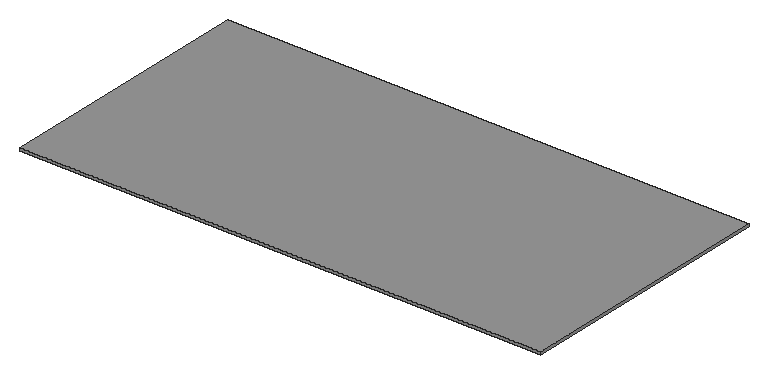
Revit family "Poly Max - Ceiling and Wall Panels", category Generic Models, Revit 2016
Family settings
  Part Type = Normal
  Can host rebar = No
  Round Connector Dimension = Use Diameter
  Work Plane-Based = Yes
  Always vertical = No
  Cut with Voids When Loaded = No
  Shared = No
  Room Calculation Point = No
Parameters (values of type "HALF INCH THICK - 48X96 - Printed Grpahics")
  ‍      1. Thickness 1" = Thickness Options = 1  # no
  ‍      0. Thickness 1/2" = Thickness Options = 0  # yes
  URL = "https://www.acousticalsurfaces.com/poly-max/ceiling-wall-panels/"
  Thickness Options = 0
  T = if(Thickness Options = 0, 0' 0 1/2", 0' 0") + if(Thickness Options = 1, 0' 1", 0' 0") + if(Thickness Options = 2, 0' 2", 0' 0")  # 0' - 0 1/2"
  Material = "Poly Max"
  Manufacturer = "Acoustical Surfaces, Inc."
  Finish = Poly Max - Printed Graphics
  Width = 4' - 0"
  Length = 8' - 0"
  ‍      2. Thickness 2" = Thickness Options = 2  # no
  Default Elevation = 4' - 0"
  A = 0' - 0"
Types (46): name | ‍      1. Thickness 1" | ‍      0. Thickness 1/2" | Thickness Options | T | Finish | Width | Length | ‍      2. Thickness 2"
  HALF INCH THICK - 48X96 - Printed Grpahics | no | yes | 0 | 0' - 0 1/2" | Poly Max - Printed Graphics | 4' - 0" | 8' - 0" | no
  HALF INCH THICK - 48X96 - Lime | no | yes | 0 | 0' - 0 1/2" | Poly Max - Lime | 4' - 0" | 8' - 0" | no
  HALF INCH THICK - 48X96 - Orange | no | yes | 0 | 0' - 0 1/2" | Poly Max - Orange | 4' - 0" | 8' - 0" | no
  HALF INCH THICK - 48X96 - Red | no | yes | 0 | 0' - 0 1/2" | Poly Max - Red | 4' - 0" | 8' - 0" | no
  HALF INCH THICK - 48X96 - Purple | no | yes | 0 | 0' - 0 1/2" | Poly Max - Purple | 4' - 0" | 8' - 0" | no
  HALF INCH THICK - 48X96 - Blue | no | yes | 0 | 0' - 0 1/2" | Poly Max - Blue | 4' - 0" | 8' - 0" | no
  HALF INCH THICK - 48X96 - Black | no | yes | 0 | 0' - 0 1/2" | Poly Max - Black | 4' - 0" | 8' - 0" | no
  HALF INCH THICK - 48X96 - Grey | no | yes | 0 | 0' - 0 1/2" | Poly Max - Grey | 4' - 0" | 8' - 0" | no
  HALF INCH THICK - 48X96 - Silver | no | yes | 0 | 0' - 0 1/2" | Poly Max - Silver | 4' - 0" | 8' - 0" | no
  HALF INCH THICK - 48X96 - Brown | no | yes | 0 | 0' - 0 1/2" | Poly Max - Brown | 4' - 0" | 8' - 0" | no
  HALF INCH THICK - 48X96 - Tan | no | yes | 0 | 0' - 0 1/2" | Poly Max - Tan | 4' - 0" | 8' - 0" | no
  HALF INCH THICK - 48X96 - Beige | no | yes | 0 | 0' - 0 1/2" | Poly Max - Beige | 4' - 0" | 8' - 0" | no
  HALF INCH THICK - 48X96 - White | no | yes | 0 | 0' - 0 1/2" | Poly Max - White | 4' - 0" | 8' - 0" | no
  HALF INCH THICK - 24x48 - Tan | no | yes | 0 | 0' - 0 1/2" | Poly Max - Tan | 2' - 0" | 4' - 0" | no
  HALF INCH THICK - 24x48 - Brown | no | yes | 0 | 0' - 0 1/2" | Poly Max - Brown | 2' - 0" | 4' - 0" | no
  HALF INCH THICK - 24x48 - Grey | no | yes | 0 | 0' - 0 1/2" | Poly Max - Grey | 2' - 0" | 4' - 0" | no
  HALF INCH THICK - 24x48 - Blue | no | yes | 0 | 0' - 0 1/2" | Poly Max - Blue | 2' - 0" | 4' - 0" | no
  HALF INCH THICK - 24x48 - Purple | no | yes | 0 | 0' - 0 1/2" | Poly Max - Purple | 2' - 0" | 4' - 0" | no
  HALF INCH THICK - 24x48 - Red | no | yes | 0 | 0' - 0 1/2" | Poly Max - Red | 2' - 0" | 4' - 0" | no
  HALF INCH THICK - 24x48 - Orange | no | yes | 0 | 0' - 0 1/2" | Poly Max - Orange | 2' - 0" | 4' - 0" | no
  HALF INCH THICK - 24x48 Lime | no | yes | 0 | 0' - 0 1/2" | Poly Max - Lime | 2' - 0" | 4' - 0" | no
  HALF INCH THICK - 24x48 - Printed Graphics | no | yes | 0 | 0' - 0 1/2" | Poly Max - Printed Graphics | 2' - 0" | 4' - 0" | no
  HALF INCH THICK - 24x48 - Black | no | yes | 0 | 0' - 0 1/2" | Poly Max - Black | 2' - 0" | 4' - 0" | no
  HALF INCH THICK - 24x48 - Silver | no | yes | 0 | 0' - 0 1/2" | Poly Max - Silver | 2' - 0" | 4' - 0" | no
  HALF INCH THICK - 24x48 - Beige | no | yes | 0 | 0' - 0 1/2" | Poly Max - Beige | 2' - 0" | 4' - 0" | no
  HALF INCH THICK - 24x48 -White | no | yes | 0 | 0' - 0 1/2" | Poly Max - White | 2' - 0" | 4' - 0" | no
  1 INCH THICK - 48X96 - Printed Graphics | yes | no | 1 | 0' - 1" | Poly Max - Printed Graphics | 4' - 0" | 8' - 0" | no
  1 INCH THICK - 48X96 - Silver | yes | no | 1 | 0' - 1" | Poly Max - Silver | 4' - 0" | 8' - 0" | no
  1 INCH THICK - 48X96 - Black | yes | no | 1 | 0' - 1" | Poly Max - Black | 4' - 0" | 8' - 0" | no
  1 INCH THICK - 48X96 Beige | yes | no | 1 | 0' - 1" | Poly Max - Beige | 4' - 0" | 8' - 0" | no
  1 INCH THICK - 48X96 - White | yes | no | 1 | 0' - 1" | Poly Max - White | 4' - 0" | 8' - 0" | no
  2 INCH THICK - 48X96 - Printed Graphics | no | no | 2 | 0' - 2" | Poly Max - Printed Graphics | 4' - 0" | 8' - 0" | yes
  2 INCH THICK - 48X96 - Silver | no | no | 2 | 0' - 2" | Poly Max - Silver | 4' - 0" | 8' - 0" | yes
  2 INCH THICK - 48X96 - Black | no | no | 2 | 0' - 2" | Poly Max - Black | 4' - 0" | 8' - 0" | yes
  2 INCH THICK - 48X96 - Beige | no | no | 2 | 0' - 2" | Poly Max - Beige | 4' - 0" | 8' - 0" | yes
  2 INCH THICK - 48X96 - White | no | no | 2 | 0' - 2" | Poly Max - White | 4' - 0" | 8' - 0" | yes
  2 INCH THICK - 24x48 - Printed Graphics | no | yes | 0 | 0' - 0 1/2" | Poly Max - Printed Graphics | 2' - 0" | 4' - 0" | no
  2 INCH THICK - 24x48 - Silver | no | yes | 0 | 0' - 0 1/2" | Poly Max - Silver | 2' - 0" | 4' - 0" | no
  2 INCH THICK - 24x48 - Black | no | yes | 0 | 0' - 0 1/2" | Poly Max - Black | 2' - 0" | 4' - 0" | no
  2 INCH THICK - 24x48 - White | no | yes | 0 | 0' - 0 1/2" | Poly Max - White | 2' - 0" | 4' - 0" | no
  1 INCH THICK - 24x48 - Silver | yes | no | 1 | 0' - 1" | Poly Max - Silver | 2' - 0" | 4' - 0" | no
  1 INCH THICK - 24x48 - Black | yes | no | 1 | 0' - 1" | Poly Max - Black | 2' - 0" | 4' - 0" | no
  1 INCH THICK - 24x48 - Beige | yes | no | 1 | 0' - 1" | Poly Max - Beige | 2' - 0" | 4' - 0" | no
  1 INCH THICK - 24x48 - White | yes | no | 1 | 0' - 1" | Poly Max - White | 2' - 0" | 4' - 0" | no
  2 INCH THICK - 24x48 - Beige | no | yes | 0 | 0' - 0 1/2" | Poly Max - Beige | 2' - 0" | 4' - 0" | no
  1 INCH THICK - 24x48 - Printed Graphics | yes | no | 1 | 0' - 1" | Poly Max - Printed Graphics | 2' - 0" | 4' - 0" | no
Reference planes (in)
  plane 1 "Center (Front/Back)": y = 0
  plane 2: z = 0
  plane 3 "Center (Left/Right)": x = 0
Dimensions and locks (in)
  "A": nested 1 to level
  aligned and locked: level to plane 2
Nested families (in)
  nested 1: "Square" at (0, 0, 0), type "Square"
    with Thickness 0' - 0 1/2", B 4' - 0", A 8' - 0"
Definition of nested family "Square"
  Parameters (values of type "Square")
    Thickness = 0' - 1"
    Material = none
    B = 2' - 0"
    A = 4' - 0"
  Reference planes (in)
    plane 1 "Center (Front/Back)": y = 0
    plane 2: z = 0
    plane 3 "Center (Left/Right)": x = 0
    plane 4: x = -24
    plane 5: x = 24
    plane 6: y = 12
    plane 7: y = -12
    plane 8: z = 1
  Forms (in)
    Extrusion 1, solid, material <- "Material"
      sketch origin (0, 0, 0) x (1, 0, 0) y (0, 1, 0)
        loop
          line (24, 12) -> (-24, 12) -> (-24, -12) -> (24, -12) -> (24, 12)
      from 0 to 1
  Dimensions and locks (in)
    equal spacing: plane 4, plane 3 "Center (Left/Right)", plane 5
    equal spacing: plane 7, plane 1 "Center (Front/Back)", plane 6
    "B": plane 7 to plane 6
    "A": plane 4 to plane 5
    "Thickness": plane 8 to level
    aligned and locked: level to plane 2
    aligned and locked: Extrusion 1 sketch curve to plane 4
    aligned and locked: plane 5 to Extrusion 1 sketch curve
    aligned and locked: Extrusion 1 sketch curve to plane 6
    aligned and locked: Extrusion 1 sketch curve to plane 7
    aligned and locked: Extrusion 1 to plane 8
